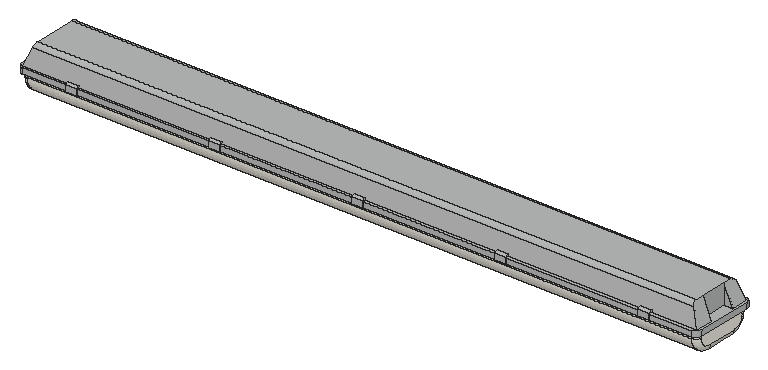
Revit family "SLIM", category Осветительные приборы, Revit 2019 (continued)
Types (5, lengths in mm): name | Файл фотометрической сетки | built-in parameter 1150142 | ADSK_Обозначение | ADSK_Наименование | ADSK_Код изделия
  CSVT Slim-38 (IP65, 5000К) | "Светильник SLIM-38-opal.ies" | "IESNA:LM-63-95\r\n[TEST] Протокол № 50\r\n[DATA] 17.06.2016\r\n[MORE] \r\n[MANUFAC] ЗАО \"Центрстройсвет\"\r\n[LUMCAT]  Светильник OPERLUX-34/PRISMA-(588x588) \r\n[LUMINAIRE]\r\n[LAMPCAT] Светодиоды\r\n[LAMP] Поток источника света (светодиодов) не известен\r\n[MORE] КСС приведена в абсолютных величинах кд\r\n[MORE] Вместо потока лампы, указан поток светильника.\r\nTILT=NONE\r\n1    3050 1.0 37 73 1 2 0.588 0.588 0.08\r\n1.0 1.0 34\r\n0.0 5.0 10.0 15.0 20.0 25.0 30.0 35.0 40.0 45.0 50.0 55.0 60.0 65.0 70.0 75.0 80.0 85.0 90.0 95.0 100.0 105.0 110.0 115.0 120.0 125.0 130.0 135.0 140.0 145.0 150.0 155.0 160.0 165.0 170.0 175.0 180.0\r\n0.0 5.0 10.0 15.0 20.0 25.0 30.0 35.0 40.0 45.0 50.0 55.0 60.0 65.0 70.0 75.0 80.0 85.0 90.0 95.0 100.0 105.0 110.0 115.0 120.0 125.0 130.0 135.0 140.0 145.0 150.0 155.0 160.0 165.0 170.0 175.0 180.0 185.0 190.0 195.0 200.0 205.0 210.0 215.0 220.0 225.0 230.0 235.0 240.0 245.0 250.0 255.0 260.0 265.0 270.0 275.0 280.0 285.0 290.0 295.0 300.0 305.0 310.0 315.0 320.0 325.0 330.0 335.0 340.0 345.0 350.0 355.0 360.0\r\n1367.8 1364.1 1339.9 1310.7 1251.0 1171.4 1077.9 956.5 826.9 709.2 591.4 468.7 352.2 267.2 190.7 130.0 88.6 43.5 5.5 0.0 0.0 0.0 0.0 0.0 0.0 0.0 0.0 0.0 0.0 0.0 0.0 0.0 0.0 0.0 0.0 0.0 0.0\r\n1367.8 1365.7 1344.6 1309.2 1251.5 1175.2 1073.4 954.2 830.4 711.2 594.6 469.5 356.0 268.7 191.9 132.6 89.9 43.9 6.3 0.0 0.0 0.0 0.0 0.0 0.0 0.0 0.0 0.0 0.0 0.0 0.0 0.0 0.0 0.0 0.0 0.0 0.0\r\n1367.8 1367.4 1347.2 1302.8 1251.5 1178.6 1078.4 958.6 835.1 714.0 597.2 474.3 359.6 268.7 192.7 135.6 92.1 44.3 6.9 0.0 0.0 0.0 0.0 0.0 0.0 0.0 0.0 0.0 0.0 0.0 0.0 0.0 0.0 0.0 0.0 0.0 0.0\r\n1367.8 1368.2 1346.2 1303.1 1250.1 1177.1 1081.4 960.9 838.1 716.2 597.6 475.0 358.6 266.4 190.9 134.8 91.7 44.9 7.0 0.0 0.0 0.0 0.0 0.0 0.0 0.0 0.0 0.0 0.0 0.0 0.0 0.0 0.0 0.0 0.0 0.0 0.0\r\n1367.8 1367.7 1343.5 1306.2 1256.1 1180.0 1081.0 961.6 838.1 714.0 595.7 473.1 356.8 262.2 188.3 132.8 89.3 43.7 6.6 0.0 0.0 0.0 0.0 0.0 0.0 0.0 0.0 0.0 0.0 0.0 0.0 0.0 0.0 0.0 0.0 0.0 0.0\r\n1367.8 1366.2 1344.8 1309.0 1256.2 1184.6 1080.4 962.6 836.8 714.8 593.8 469.6 354.4 260.1 184.9 130.4 88.4 44.2 6.5 0.0 0.0 0.0 0.0 0.0 0.0 0.0 0.0 0.0 0.0 0.0 0.0 0.0 0.0 0.0 0.0 0.0 0.0\r\n1367.8 1364.3 1347.6 1312.1 1259.9 1177.4 1078.5 968.2 849.1 721.6 596.0 467.2 355.0 257.4 183.3 127.1 87.5 45.4 6.5 0.0 0.0 0.0 0.0 0.0 0.0 0.0 0.0 0.0 0.0 0.0 0.0 0.0 0.0 0.0 0.0 0.0 0.0\r\n1367.8 1363.3 1348.8 1312.0 1262.8 1181.2 1077.4 968.8 853.2 730.0 597.2 466.8 353.5 256.9 181.1 124.8 87.2 45.9 6.9 0.0 0.0 0.0 0.0 0.0 0.0 0.0 0.0 0.0 0.0 0.0 0.0 0.0 0.0 0.0 0.0 0.0 0.0\r\n1367.8 1364.0 1350.3 1308.2 1255.9 1182.2 1079.9 969.0 856.0 734.3 601.1 468.4 352.6 254.4 178.0 121.7 85.5 45.0 6.9 0.0 0.0 0.0 0.0 0.0 0.0 0.0 0.0 0.0 0.0 0.0 0.0 0.0 0.0 0.0 0.0 0.0 0.0\r\n1367.8 1364.9 1349.2 1313.0 1259.2 1178.2 1076.4 970.7 860.9 740.8 606.9 469.1 350.2 254.0 175.6 117.8 83.6 43.4 6.7 0.0 0.0 0.0 0.0 0.0 0.0 0.0 0.0 0.0 0.0 0.0 0.0 0.0 0.0 0.0 0.0 0.0 0.0\r\n1367.8 1365.0 1348.6 1315.3 1261.5 1184.1 1082.6 973.9 862.8 745.2 607.9 469.0 350.5 253.1 173.2 116.2 81.4 42.4 6.5 0.0 0.0 0.0 0.0 0.0 0.0 0.0 0.0 0.0 0.0 0.0 0.0 0.0 0.0 0.0 0.0 0.0 0.0\r\n1367.8 1364.4 1347.9 1315.3 1258.7 1186.3 1085.9 970.5 862.2 747.0 613.0 468.8 350.2 252.8 173.4 116.6 79.8 40.9 6.7 0.0 0.0 0.0 0.0 0.0 0.0 0.0 0.0 0.0 0.0 0.0 0.0 0.0 0.0 0.0 0.0 0.0 0.0\r\n1367.8 1363.4 1347.0 1308.3 1258.6 1184.3 1089.8 973.9 867.7 742.3 606.2 467.0 350.0 252.6 175.4 119.1 79.8 42.1 7.1 0.0 0.0 0.0 0.0 0.0 0.0 0.0 0.0 0.0 0.0 0.0 0.0 0.0 0.0 0.0 0.0 0.0 0.0\r\n1367.8 1362.6 1348.4 1308.2 1261.4 1190.2 1088.3 978.6 869.6 744.0 601.1 462.4 350.2 253.6 175.9 123.0 83.5 45.3 7.8 0.0 0.0 0.0 0.0 0.0 0.0 0.0 0.0 0.0 0.0 0.0 0.0 0.0 0.0 0.0 0.0 0.0 0.0\r\n1367.8 1362.3 1347.3 1311.1 1262.3 1191.1 1093.6 982.5 872.1 746.6 597.2 461.1 348.8 251.4 176.3 127.6 89.2 48.5 7.9 0.0 0.0 0.0 0.0 0.0 0.0 0.0 0.0 0.0 0.0 0.0 0.0 0.0 0.0 0.0 0.0 0.0 0.0\r\n1367.8 1362.5 1345.8 1316.1 1260.6 1190.3 1096.8 982.6 873.3 743.8 593.1 456.4 347.2 250.6 175.7 130.9 94.2 51.8 9.3 0.0 0.0 0.0 0.0 0.0 0.0 0.0 0.0 0.0 0.0 0.0 0.0 0.0 0.0 0.0 0.0 0.0 0.0\r\n1367.8 1363.2 1345.2 1315.5 1267.1 1195.5 1096.1 995.9 871.3 740.3 589.0 455.0 342.8 246.9 174.2 131.9 97.1 52.4 10.1 0.0 0.0 0.0 0.0 0.0 0.0 0.0 0.0 0.0 0.0 0.0 0.0 0.0 0.0 0.0 0.0 0.0 0.0\r\n1367.8 1364.5 1346.0 1317.2 1264.0 1194.7 1102.6 991.8 873.9 736.2 584.7 454.3 338.6 243.0 171.3 130.1 99.3 53.7 9.5 0.0 0.0 0.0 0.0 0.0 0.0 0.0 0.0 0.0 0.0 0.0 0.0 0.0 0.0 0.0 0.0 0.0 0.0\r\n1367.8 1365.9 1346.4 1317.1 1264.0 1198.2 1105.3 994.6 872.6 727.7 582.0 451.8 335.8 239.9 168.3 127.6 100.0 55.8 7.5 0.0 0.0 0.0 0.0 0.0 0.0 0.0 0.0 0.0 0.0 0.0 0.0 0.0 0.0 0.0 0.0 0.0 0.0\r\n1367.8 1366.3 1344.9 1317.5 1265.6 1200.4 1108.2 997.2 868.8 722.7 575.8 446.5 333.1 238.4 167.7 126.3 98.1 56.1 8.8 0.0 0.0 0.0 0.0 0.0 0.0 0.0 0.0 0.0 0.0 0.0 0.0 0.0 0.0 0.0 0.0 0.0 0.0\r\n1367.8 1365.9 1344.0 1313.0 1263.2 1200.6 1104.3 997.0 862.7 720.9 568.5 441.0 331.7 237.8 167.7 126.3 96.7 53.7 9.4 0.0 0.0 0.0 0.0 0.0 0.0 0.0 0.0 0.0 0.0 0.0 0.0 0.0 0.0 0.0 0.0 0.0 0.0\r\n1367.8 1365.3 1346.1 1312.6 1263.0 1198.3 1108.1 995.3 861.6 712.7 563.4 437.4 331.4 236.8 165.9 124.7 95.3 55.2 9.1 0.0 0.0 0.0 0.0 0.0 0.0 0.0 0.0 0.0 0.0 0.0 0.0 0.0 0.0 0.0 0.0 0.0 0.0\r\n1367.8 1364.9 1349.2 1313.0 1262.9 1199.0 1108.3 993.8 855.7 710.3 563.1 435.2 329.9 233.9 163.4 121.6 92.0 55.1 8.8 0.0 0.0 0.0 0.0 0.0 0.0 0.0 0.0 0.0 0.0 0.0 0.0 0.0 0.0 0.0 0.0 0.0 0.0\r\n1367.8 1364.1 1352.0 1313.2 1259.2 1197.0 1104.6 988.6 849.9 704.2 562.4 433.5 327.9 230.5 158.4 116.9 87.6 51.4 7.8 0.0 0.0 0.0 0.0 0.0 0.0 0.0 0.0 0.0 0.0 0.0 0.0 0.0 0.0 0.0 0.0 0.0 0.0\r\n1367.8 1363.0 1349.6 1313.3 1257.8 1193.2 1098.7 980.1 848.0 708.1 565.6 433.4 325.1 228.0 154.2 111.3 83.7 49.7 7.5 0.0 0.0 0.0 0.0 0.0 0.0 0.0 0.0 0.0 0.0 0.0 0.0 0.0 0.0 0.0 0.0 0.0 0.0\r\n1367.8 1361.9 1346.7 1314.1 1256.8 1193.2 1093.6 977.6 847.2 708.6 569.1 434.8 324.5 225.9 151.7 107.5 81.6 48.9 7.3 0.0 0.0 0.0 0.0 0.0 0.0 0.0 0.0 0.0 0.0 0.0 0.0 0.0 0.0 0.0 0.0 0.0 0.0\r\n1367.8 1361.2 1345.0 1309.5 1261.1 1193.3 1089.9 973.2 851.1 709.3 572.7 435.0 323.4 225.4 152.1 105.8 80.4 49.9 7.3 0.0 0.0 0.0 0.0 0.0 0.0 0.0 0.0 0.0 0.0 0.0 0.0 0.0 0.0 0.0 0.0 0.0 0.0\r\n1367.8 1360.5 1345.3 1307.2 1258.6 1186.4 1085.9 974.0 847.9 714.1 575.5 436.8 321.2 223.3 152.0 105.2 79.8 49.6 8.0 0.0 0.0 0.0 0.0 0.0 0.0 0.0 0.0 0.0 0.0 0.0 0.0 0.0 0.0 0.0 0.0 0.0 0.0\r\n1367.8 1360.0 1344.3 1308.1 1257.8 1178.2 1085.3 975.1 848.7 715.2 575.4 439.1 318.7 223.0 150.8 104.3 79.3 49.5 8.2 0.0 0.0 0.0 0.0 0.0 0.0 0.0 0.0 0.0 0.0 0.0 0.0 0.0 0.0 0.0 0.0 0.0 0.0\r\n1367.8 1360.5 1346.2 1311.6 1256.3 1174.7 1082.9 978.6 851.4 710.5 574.9 440.6 317.9 221.6 152.3 106.4 79.3 48.7 8.4 0.0 0.0 0.0 0.0 0.0 0.0 0.0 0.0 0.0 0.0 0.0 0.0 0.0 0.0 0.0 0.0 0.0 0.0\r\n1367.8 1361.9 1350.3 1309.3 1252.2 1172.6 1080.3 970.8 851.2 713.3 570.6 439.7 319.0 222.4 154.5 110.7 81.7 47.4 8.1 0.0 0.0 0.0 0.0 0.0 0.0 0.0 0.0 0.0 0.0 0.0 0.0 0.0 0.0 0.0 0.0 0.0 0.0\r\n1367.8 1363.7 1348.0 1307.6 1253.5 1171.4 1087.1 971.6 851.9 710.7 569.9 438.2 323.8 226.5 159.3 115.4 83.3 45.0 7.6 0.0 0.0 0.0 0.0 0.0 0.0 0.0 0.0 0.0 0.0 0.0 0.0 0.0 0.0 0.0 0.0 0.0 0.0\r\n1367.8 1365.3 1346.4 1312.3 1251.8 1172.7 1086.5 974.6 847.7 705.0 567.7 442.4 326.6 234.0 164.3 120.1 85.8 43.9 7.4 0.0 0.0 0.0 0.0 0.0 0.0 0.0 0.0 0.0 0.0 0.0 0.0 0.0 0.0 0.0 0.0 0.0 0.0\r\n1367.8 1366.2 1347.0 1309.1 1250.4 1170.7 1085.2 978.5 846.6 705.8 567.4 441.3 331.1 236.3 167.7 122.8 88.4 45.0 8.1 0.0 0.0 0.0 0.0 0.0 0.0 0.0 0.0 0.0 0.0 0.0 0.0 0.0 0.0 0.0 0.0 0.0 0.0\r\n1367.8 1366.0 1347.9 1306.2 1240.5 1166.7 1082.2 977.2 844.2 702.8 566.8 442.7 335.1 241.3 169.7 123.7 90.0 45.9 9.2 0.0 0.0 0.0 0.0 0.0 0.0 0.0 0.0 0.0 0.0 0.0 0.0 0.0 0.0 0.0 0.0 0.0 0.0\r\n1367.8 1364.3 1346.5 1311.7 1250.6 1170.3 1080.9 980.5 844.4 703.8 569.8 446.4 334.2 240.3 169.5 121.7 87.9 46.9 9.3 0.0 0.0 0.0 0.0 0.0 0.0 0.0 0.0 0.0 0.0 0.0 0.0 0.0 0.0 0.0 0.0 0.0 0.0\r\n1367.8 1361.6 1341.0 1307.3 1249.6 1169.2 1088.8 980.5 845.1 706.2 571.7 444.8 333.0 238.4 168.9 120.7 87.1 47.8 7.8 0.0 0.0 0.0 0.0 0.0 0.0 0.0 0.0 0.0 0.0 0.0 0.0 0.0 0.0 0.0 0.0 0.0 0.0\r\n1367.8 1359.4 1337.2 1303.3 1252.4 1170.4 1080.4 978.1 841.4 701.4 566.4 444.4 333.5 241.2 169.4 122.2 88.2 47.2 9.5 0.0 0.0 0.0 0.0 0.0 0.0 0.0 0.0 0.0 0.0 0.0 0.0 0.0 0.0 0.0 0.0 0.0 0.0\r\n1367.8 1359.3 1342.6 1310.3 1242.7 1173.0 1078.8 976.3 844.8 702.0 565.3 440.7 332.8 240.9 169.9 123.5 89.5 46.1 9.1 0.0 0.0 0.0 0.0 0.0 0.0 0.0 0.0 0.0 0.0 0.0 0.0 0.0 0.0 0.0 0.0 0.0 0.0\r\n1367.8 1361.3 1345.4 1306.4 1248.2 1167.7 1080.4 980.5 846.8 703.5 567.2 443.4 333.2 240.2 168.7 123.1 88.4 46.2 8.4 0.0 0.0 0.0 0.0 0.0 0.0 0.0 0.0 0.0 0.0 0.0 0.0 0.0 0.0 0.0 0.0 0.0 0.0\r\n1367.8 1364.4 1343.1 1308.2 1251.3 1170.9 1084.2 980.8 848.5 707.7 571.1 445.6 332.7 238.1 167.5 120.7 85.6 44.6 7.7 0.0 0.0 0.0 0.0 0.0 0.0 0.0 0.0 0.0 0.0 0.0 0.0 0.0 0.0 0.0 0.0 0.0 0.0\r\n1367.8 1366.7 1342.9 1310.2 1254.3 1176.8 1087.8 981.7 853.4 711.9 574.2 446.0 329.4 232.8 162.6 116.6 83.7 45.3 8.1 0.0 0.0 0.0 0.0 0.0 0.0 0.0 0.0 0.0 0.0 0.0 0.0 0.0 0.0 0.0 0.0 0.0 0.0\r\n1367.8 1367.7 1346.5 1310.6 1258.1 1183.1 1085.5 978.6 854.1 714.2 577.9 448.7 327.1 229.4 158.3 112.1 82.0 47.9 9.0 0.0 0.0 0.0 0.0 0.0 0.0 0.0 0.0 0.0 0.0 0.0 0.0 0.0 0.0 0.0 0.0 0.0 0.0\r\n1367.8 1367.3 1348.0 1310.6 1262.6 1180.1 1086.5 982.6 856.7 719.8 579.9 448.7 324.7 226.8 155.7 107.8 80.3 50.1 9.5 0.0 0.0 0.0 0.0 0.0 0.0 0.0 0.0 0.0 0.0 0.0 0.0 0.0 0.0 0.0 0.0 0.0 0.0\r\n1367.8 1365.6 1348.6 1309.9 1259.0 1186.0 1089.0 979.4 855.0 722.2 584.2 450.5 325.6 227.6 155.8 107.2 80.5 51.4 9.6 0.0 0.0 0.0 0.0 0.0 0.0 0.0 0.0 0.0 0.0 0.0 0.0 0.0 0.0 0.0 0.0 0.0 0.0\r\n1367.8 1363.3 1347.7 1306.8 1261.1 1190.7 1095.5 982.3 860.8 723.2 585.7 446.3 327.8 230.3 158.2 109.3 81.7 51.4 9.3 0.0 0.0 0.0 0.0 0.0 0.0 0.0 0.0 0.0 0.0 0.0 0.0 0.0 0.0 0.0 0.0 0.0 0.0\r\n1367.8 1361.0 1344.4 1306.7 1264.4 1191.7 1095.0 984.8 858.7 723.1 583.6 444.8 328.4 232.3 158.6 109.9 81.8 51.7 9.0 0.0 0.0 0.0 0.0 0.0 0.0 0.0 0.0 0.0 0.0 0.0 0.0 0.0 0.0 0.0 0.0 0.0 0.0\r\n1367.8 1359.1 1344.3 1308.4 1263.8 1198.1 1102.2 989.8 861.5 721.8 582.8 444.8 331.3 233.7 158.6 111.1 83.0 50.9 8.9 0.0 0.0 0.0 0.0 0.0 0.0 0.0 0.0 0.0 0.0 0.0 0.0 0.0 0.0 0.0 0.0 0.0 0.0\r\n1367.8 1357.8 1346.5 1313.8 1263.6 1192.7 1107.0 996.3 859.5 718.8 579.1 442.9 332.1 234.9 160.7 114.1 84.6 51.0 9.2 0.0 0.0 0.0 0.0 0.0 0.0 0.0 0.0 0.0 0.0 0.0 0.0 0.0 0.0 0.0 0.0 0.0 0.0\r\n1367.8 1357.7 1347.3 1313.2 1264.3 1198.9 1108.1 998.6 864.9 718.7 573.2 441.1 332.1 237.8 164.0 118.2 87.5 52.0 9.8 0.0 0.0 0.0 0.0 0.0 0.0 0.0 0.0 0.0 0.0 0.0 0.0 0.0 0.0 0.0 0.0 0.0 0.0\r\n1367.8 1358.5 1346.9 1313.1 1266.5 1195.6 1112.2 1002.8 870.4 722.5 574.7 443.8 335.7 239.1 166.4 121.6 91.2 55.8 10.9 0.0 0.0 0.0 0.0 0.0 0.0 0.0 0.0 0.0 0.0 0.0 0.0 0.0 0.0 0.0 0.0 0.0 0.0\r\n1367.8 1359.8 1344.7 1312.9 1269.5 1203.1 1107.5 1002.6 874.5 724.4 574.3 444.8 335.5 240.3 169.6 124.4 94.2 56.9 11.6 0.0 0.0 0.0 0.0 0.0 0.0 0.0 0.0 0.0 0.0 0.0 0.0 0.0 0.0 0.0 0.0 0.0 0.0\r\n1367.8 1361.7 1344.5 1316.7 1266.1 1199.3 1111.1 1004.7 879.7 733.6 577.6 446.7 337.8 241.2 168.7 126.0 96.3 56.5 11.7 0.0 0.0 0.0 0.0 0.0 0.0 0.0 0.0 0.0 0.0 0.0 0.0 0.0 0.0 0.0 0.0 0.0 0.0\r\n1367.8 1363.9 1346.7 1316.2 1265.7 1198.1 1117.1 1006.7 882.1 737.2 586.5 450.4 338.9 242.3 167.8 125.5 98.6 58.1 10.5 0.0 0.0 0.0 0.0 0.0 0.0 0.0 0.0 0.0 0.0 0.0 0.0 0.0 0.0 0.0 0.0 0.0 0.0\r\n1367.8 1365.2 1345.4 1319.5 1265.7 1198.8 1109.1 1003.5 876.9 742.6 589.1 456.4 341.1 242.1 167.5 126.8 100.2 57.9 8.8 0.0 0.0 0.0 0.0 0.0 0.0 0.0 0.0 0.0 0.0 0.0 0.0 0.0 0.0 0.0 0.0 0.0 0.0\r\n1367.8 1365.0 1345.2 1312.9 1265.8 1199.0 1109.7 999.6 877.6 742.6 595.8 457.7 342.1 245.3 170.4 128.5 99.0 56.9 11.0 0.0 0.0 0.0 0.0 0.0 0.0 0.0 0.0 0.0 0.0 0.0 0.0 0.0 0.0 0.0 0.0 0.0 0.0\r\n1367.8 1364.1 1347.9 1311.6 1271.1 1195.3 1102.7 998.9 881.1 745.5 597.2 460.9 345.1 248.6 174.0 129.7 96.5 55.6 11.2 0.0 0.0 0.0 0.0 0.0 0.0 0.0 0.0 0.0 0.0 0.0 0.0 0.0 0.0 0.0 0.0 0.0 0.0\r\n1367.8 1363.0 1347.3 1314.0 1269.6 1192.3 1104.9 991.5 878.3 748.8 603.5 463.3 348.1 251.3 177.2 130.4 94.2 55.0 10.3 0.0 0.0 0.0 0.0 0.0 0.0 0.0 0.0 0.0 0.0 0.0 0.0 0.0 0.0 0.0 0.0 0.0 0.0\r\n1367.8 1362.4 1346.2 1314.7 1264.3 1194.7 1094.8 992.0 878.4 749.1 608.2 465.6 349.4 252.9 177.2 127.6 90.1 51.7 8.7 0.0 0.0 0.0 0.0 0.0 0.0 0.0 0.0 0.0 0.0 0.0 0.0 0.0 0.0 0.0 0.0 0.0 0.0\r\n1367.8 1362.7 1348.0 1314.5 1265.5 1196.6 1094.9 983.4 872.0 752.6 609.3 469.0 352.6 254.1 177.1 125.0 85.8 47.2 8.1 0.0 0.0 0.0 0.0 0.0 0.0 0.0 0.0 0.0 0.0 0.0 0.0 0.0 0.0 0.0 0.0 0.0 0.0\r\n1367.8 1362.9 1347.6 1317.1 1264.6 1191.1 1090.4 981.6 868.8 748.7 612.1 472.2 352.0 253.6 176.2 121.4 83.1 43.4 6.9 0.0 0.0 0.0 0.0 0.0 0.0 0.0 0.0 0.0 0.0 0.0 0.0 0.0 0.0 0.0 0.0 0.0 0.0\r\n1367.8 1362.5 1343.6 1318.7 1268.8 1192.3 1085.5 974.5 866.1 750.5 612.3 472.0 350.7 253.1 174.7 119.5 83.2 43.3 6.3 0.0 0.0 0.0 0.0 0.0 0.0 0.0 0.0 0.0 0.0 0.0 0.0 0.0 0.0 0.0 0.0 0.0 0.0\r\n1367.8 1362.1 1341.3 1317.3 1267.8 1185.0 1082.2 972.1 864.2 747.6 611.4 473.0 350.1 254.2 174.7 118.9 84.4 45.4 6.1 0.0 0.0 0.0 0.0 0.0 0.0 0.0 0.0 0.0 0.0 0.0 0.0 0.0 0.0 0.0 0.0 0.0 0.0\r\n1367.8 1362.2 1343.6 1308.9 1260.0 1189.4 1084.9 971.7 859.6 740.4 606.9 470.8 351.4 253.9 176.6 120.3 86.5 45.9 6.5 0.0 0.0 0.0 0.0 0.0 0.0 0.0 0.0 0.0 0.0 0.0 0.0 0.0 0.0 0.0 0.0 0.0 0.0\r\n1367.8 1363.0 1342.9 1314.5 1263.9 1184.9 1081.6 971.9 853.4 735.2 605.3 467.7 352.3 254.8 180.1 122.7 87.8 46.6 6.8 0.0 0.0 0.0 0.0 0.0 0.0 0.0 0.0 0.0 0.0 0.0 0.0 0.0 0.0 0.0 0.0 0.0 0.0\r\n1367.8 1364.3 1340.2 1313.1 1261.0 1182.5 1084.4 971.4 852.3 730.7 600.0 466.2 354.3 255.8 181.2 124.6 88.4 46.8 6.6 0.0 0.0 0.0 0.0 0.0 0.0 0.0 0.0 0.0 0.0 0.0 0.0 0.0 0.0 0.0 0.0 0.0 0.0\r\n1367.8 1365.9 1343.5 1308.2 1258.3 1181.3 1083.1 966.4 845.6 721.0 594.9 467.0 352.2 259.1 183.4 126.7 88.1 45.4 6.1 0.0 0.0 0.0 0.0 0.0 0.0 0.0 0.0 0.0 0.0 0.0 0.0 0.0 0.0 0.0 0.0 0.0 0.0\r\n1367.8 1366.3 1345.1 1308.7 1254.7 1177.8 1080.9 969.9 838.6 714.9 593.4 465.7 351.7 258.6 185.5 129.6 88.1 44.0 5.9 0.0 0.0 0.0 0.0 0.0 0.0 0.0 0.0 0.0 0.0 0.0 0.0 0.0 0.0 0.0 0.0 0.0 0.0\r\n1367.8 1364.5 1343.2 1306.3 1248.4 1177.3 1082.4 962.7 833.3 713.0 595.0 468.9 352.8 260.9 187.3 132.3 88.7 43.5 6.0 0.0 0.0 0.0 0.0 0.0 0.0 0.0 0.0 0.0 0.0 0.0 0.0 0.0 0.0 0.0 0.0 0.0 0.0\r\n1367.8 1362.4 1346.0 1305.7 1255.8 1170.9 1078.4 956.8 832.7 709.6 592.6 470.6 355.6 263.8 189.2 133.7 90.3 44.0 6.3 0.0 0.0 0.0 0.0 0.0 0.0 0.0 0.0 0.0 0.0 0.0 0.0 0.0 0.0 0.0 0.0 0.0 0.0\r\n1367.8 1362.0 1346.8 1311.0 1252.6 1177.3 1074.5 958.3 825.6 709.7 591.0 467.7 356.3 264.6 188.4 133.0 90.3 43.3 6.2 0.0 0.0 0.0 0.0 0.0 0.0 0.0 0.0 0.0 0.0 0.0 0.0 0.0 0.0 0.0 0.0 0.0 0.0\r\n1367.8 1363.0 1341.5 1311.3 1242.3 1175.5 1082.4 953.9 818.8 707.4 591.0 466.6 352.5 265.4 188.6 130.9 89.0 43.1 6.3 0.0 0.0 0.0 0.0 0.0 0.0 0.0 0.0 0.0 0.0 0.0 0.0 0.0 0.0 0.0 0.0 0.0 0.0\r\n1367.8 1364.1 1339.9 1310.7 1251.0 1171.4 1077.9 956.5 826.9 709.2 591.4 468.7 352.2 267.2 190.7 130.0 88.6 43.5 5.5 0.0 0.0 0.0 0.0 0.0 0.0 0.0 0.0 0.0 0.0 0.0 0.0 0.0 0.0 0.0 0.0 0.0 0.0\r\n" | "CSVT Slim-38 (IP65, 5000К)" | "Светодиодный пылевлагозащищенный светильник CSVT Slim-38 (IP65, 5000К)" | "ЦБ000004227"
  CSVT SLIM-38/MILKY  (IP65, 5000К ) | "CSVT Slim-38Milky.ies" | "IESNA:LM-63-1995\r\n[DATA] 19.04.2017\r\n[MANUFAC] Joint stock company Centrstroysvet\r\n[LUMCAT] CSVT Slim-38/Milky\r\n[LUMINAIRE] For general lighting applications in buildings with high humidity and dust\r\n[LAMP] LED\r\nTILT=NONE\r\n1 4271 4.271 181 2 1 2\r\n1.262 0.124 0.085\r\n1 1 39.9\r\n0 1 2 3 4 5 6 7 8 9 10 11 12 13 14 15 16 17 18 19 20 21 22 23 24 25 26 27 28 29 30 31 32 33 34 35 36 37 38 39 40 41 42 43 44 45 46 47 48 49 50 51 52 53 54 55 56 57 58 59 60 61 62 63 64 65 66 67 68 69 70 71 72 73 74 75 76 77 78 79 80 81 82 83 84 85 86 87 88 89 90 91 92 93 94 95 96 97 98 99 100 101 102 103 104 105 106 107 108 109 110 111 112 113 114 115 116 117 118 119 120 121 122 123 124 125 126 127 128 129 130 131 132 133 134 135 136 137 138 139 140 141 142 143 144 145 146 147 148 149 150 151 152 153 154 155 156 157 158 159 160 161 162 163 164 165 166 167 168 169 170 171 172 173 174 175 176 177 178 179 180 \r\n0 90 \r\n294.5 294.4 294.2 294 293.7 293.1 292.7 291.9 291.5 290.5 289.5 288.6 287.3 286.2 284.9 283.6 282.1 280.5 278.9 277.3 275.4 273.5 271.6 269.5 267.4 265.3 263.1 260.7 258.4 256.1 253.6 251.1 248.6 246 243.4 240.6 237.9 235.1 232.3 229.4 226.4 223.5 220.4 217.3 214.2 211.1 207.9 204.7 201.4 198.1 194.8 191.5 188 184.6 181.1 177.6 174.1 170.5 167 163.4 159.8 156.3 152.7 149.2 145.7 142 138.4 134.9 131.3 127.9 124.4 120.9 117.5 114.1 110.8 107.5 104.2 101 97.9 94.8 91.9 89 86.1 83.4 80.6 78 75.3 72.8 70.3 67.9 65.4 63 60.7 58.4 56.1 54 51.8 49.9 48 46.1 44.5 42.8 41.1 39.5 38 36.5 35.1 33.7 32.4 31.2 29.7 28.5 27.2 26 24.8 23.7 22.7 21.6 20.6 19.6 18.6 17.7 16.8 15.8 15 14.2 13.4 12.6 11.9 11 10.4 9.8 9.2 8.6 8 7.4 6.9 6.5 6 5.5 5 4.7 4.4 3.9 3.6 3.3 3 2.7 2.4 2.1 1.9 1.9 1.8 1.8 1.7 1.7 1.6 1.7 1.7 1.6 1.6 1.7 1.6 1.6 1.8 1.8 1.7 1.7 1.7 1.7 1.7 1.7 1.7 1.7 1.3 0 0 0 0 0 0\r\n294.5 294.5 294.1 293.8 293.4 292.9 292.3 291.4 290.4 289.5 288.3 287 285.5 284 282.4 280.5 278.7 276.7 274.7 272.5 270.1 267.8 265.2 262.8 260.1 257.4 254.6 251.7 248.6 245.5 242.2 238.9 235.6 232.2 228.7 225 221.2 217.5 213.7 210 206.3 202.4 198.3 194.1 189.9 185.9 181.9 177.6 173.1 168.9 164.9 160.4 155.3 150.9 146.7 142.3 137.6 133.6 129.4 125 120.3 115.5 110.5 105.6 100.9 96.7 92.2 87.2 81.8 77 72.5 68.3 63.5 58.7 54.1 49.6 45.2 40.8 36.4 32.3 28.4 24.7 20.9 17.3 14.2 11.3 8.9 6.9 5.2 4.2 3.8 3.8 3.6 3.5 3.5 3.4 3.3 3.2 3.2 3.1 3 3 3 2.9 2.9 2.9 2.8 2.8 2.7 2.7 2.6 2.6 2.5 2.4 2.4 2.3 2.3 2.2 2.2 2.1 2.1 2.1 2.1 2 2 1.9 2 1.9 1.9 1.9 1.9 1.8 1.8 1.8 1.7 1.7 1.7 1.7 1.7 1.6 1.7 1.6 1.6 1.7 1.6 1.6 1.5 1.5 1.5 1.4 1.5 1.5 1.4 1.5 1.4 1.4 1.5 1.5 1.5 0 0 0 0 0 0 0 0 0 0 0 0 0 0 0 0 0 0 0 0 0 0\r\n" | "CSVT SLIM-38/MILKY  (IP65, 5000К )" | "Светодиодный пылевлагозащищенный светильник CSVT SLIM-38/MILKY  (IP65, 5000К )" | "ЦБ000009202"
